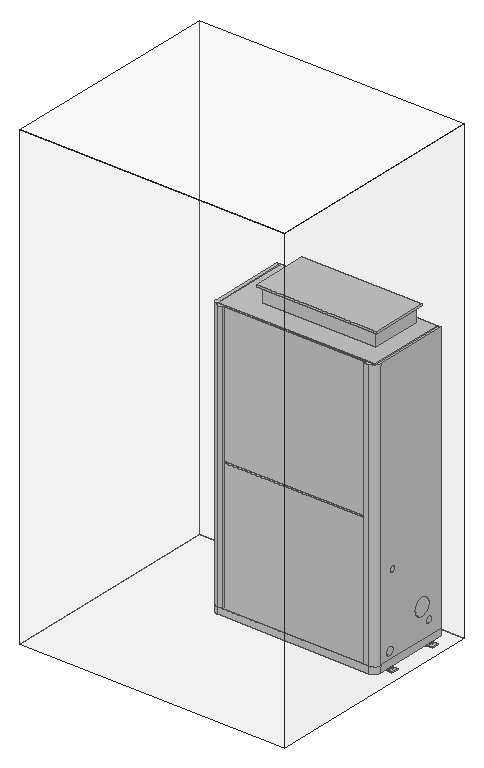
Revit family "pft-p224_560dme3_50Hz", category 機械設備, Revit 2019
Family settings
  丸型コネクタ寸法 = 直径を使用
  パーツ タイプ = 標準
  OmniClass 番号 = 23.75.10.24.21.27.27
  OmniClass タイトル = Split System Air Conditioning Units
  作業面ベース = いいえ
  常に垂直 = はい
  ロード時にボイドで切り取り = いいえ
  共有 = いいえ
  部屋計算ポイント = いいえ
Parameters (values of type "PFT-P224DME3")
  風量（m3／min） = 65
  風量 = MAX風量  # 3900.0 m³/h
  音響パワーレベル(dB) = 69
  電源種別 = ""
  電圧_電気ヒーター = 0 V
  電圧 = 200 V
  電動機出力_送風機 = 1500 W
  電動機出力_圧縮機 = 0 W
  運転質量 = 0.00 kg
  連動 = ""
  質量 = if(製品質量 > 運転質量, 製品質量, 運転質量) * 1.2  # 150.00 kg
  負荷分類 = 3_ファン類
  説明 = "設備用パッケージエアコン 空冷床置形・冷房専用 年間冷房中温用シリーズ"
  設計暖房能力 [instance] = 0 kW
  設計冷房能力_顕熱 [instance] = 0 kW
  設計冷房能力 [instance] = 0 kW
  設置方法 = "床置形"
  記号 [instance] = ""
  製造元 = "三菱電機株式会社"
  製品質量 = 125.00 kg
  製品出荷対象 = "国内"
  製品リリース年月 = ""
  製品グループ = ""
  系統 [instance] = ""
  符号 = "PAC-FRV(J)"
  積算_科目 = "1 空気調和設備"
  積算_拾い区分 [instance] = ""
  相_電気ヒーター = 1
  相 = 3
  盤記号 [instance] = ""
  発停方法 = ""
  特殊仕様 [instance] = ""
  火災停止 = ""
  消費電力_電気ヒーター = 0 W
  消費電力_暖房 = 0 W
  消費電力_加湿器 = 0 W
  消費電力_冷房 = 740 W
  消費電力 = if(消費電力_冷房 > 消費電力_暖房, 消費電力_冷房, 消費電力_暖房) + 消費電力_加湿器 + 消費電力_電気ヒーター  # 740 W
  法定耐用年数 = "15"
  機械基礎質量 [instance] = 0.00 kg
  機械基礎_W = 0 mm
  機械基礎_H = 0 mm
  機械基礎_D = 0 mm
  機械基礎 [instance] = no
  機外静圧 = 30.0 Pa
  極数 = 3
  材質 [instance] = ""
  本体マテリアル = none
  有効加湿量 = 0
  最小電線太さ_mm = 1.6
  最大電流値 = 6.5 A
  暖房能力 = 0 kW
  推奨ブレーカー容量 = 15 A
  形式_加湿器 = ""
  形式 = "床置（露出）立形"
  形名 = PFT-P-DME : PFT-P224DME3
  幹線記号 [instance] = ""
  始動方式 = "直入"
  呼称 = "パッケージ形空気調和機_室内機"
  周波数 = 50 Hz
  台数_手元リモコン [instance] = ""
  台数_冷媒分岐ユニット [instance] = ""
  参照している仕様書等のバージョン = "公共建築工事標準仕様書（機械設備工事編）平成31年度版"
  加湿給水管径 = 0.00 mm
  分類コード = "50053003083060"
  分類グループ = ""
  冷房能力 = 20 kW
  冷媒高低圧ガス管径 = 0.00 mm
  冷媒管径符号 = "Be"
  冷媒管径 = 100.00 mm
  冷媒液管径 = 9.52 mm
  冷媒ガス管径 = 19.05 mm
  価格 = 0
  企業コード = "108420"
  付属品_フィルター = ""
  付属品 [instance] = ""
  仕様書バージョン = "Version1.0"
  モデル = "PFT-P224DME3"
  ドレン管径 = 34.00 mm
  ダクト高 = 336 mm
  ダクト幅 = 715 mm
  サービススペース = yes
  コメント [instance] = ""
  Keynote = ""
  Width = 980 mm
  Version = ""
  Uniclass2015Version = "Systems v1.9"
  Uniclass2015Title = "Split coil remote air cooled condensing units"
  Uniclass2015Code = "Pr_70_65_03_84"
  URL = ""
  S寸法 = 150 mm
  SpecificationReference = ""
  SpecificationDescription = ""
  Revision = ""
  ProductInformation = ""
  OmniClassCode = "23-33 17 13 11"
  MAX風量 = 風量（m3／min） * 60.0 m³/h  # 3900.0 m³/h
  IfcTypeProduct = ""
  IfcProduct = ""
  IfcExportType = "AIRCONDITIONINGUNIT"
  IfcExportAs = "IfcUnitaryEquipmentType"
  Height = 1748 mm
  Depth = 485 mm
  Clearance Top = 1000 mm
  Clearance Right = 100 mm
  Clearance Left = 500 mm
  Clearance Front = 800 mm
  Clearance Back = 50 mm
  COP = 0
  Author = "三菱電機株式会社"
  APF = 0
Types (4, lengths in mm): name | 風量（m3／min） | 風量 | 音響パワーレベル(dB) | 電動機出力_送風機 | 質量 | 製品質量 | 消費電力_冷房 | 消費電力 | 最小電線太さ_mm | 最大電流値 | 推奨ブレーカー容量 | 形名 | 冷房能力 | 冷媒管径符号 | 冷媒液管径 | 冷媒ガス管径 | モデル | ドレン管径 | ダクト高 | ダクト幅 | Width | MAX風量 | Height | Depth | Clearance Left | Clearance Front
  PFT-P224DME3 | 65 | 3900.0 m³/h | 69 | 1500 W | 150.00 kg | 125.00 kg | 740 W | 740 W | 1.6 | 6.5 A | 15 A | PFT-P-DME : PFT-P224DME3 | 20 kW | "Be" | 9.52 | 19.05 | "PFT-P224DME3" | 34.00 | 336 | 715 | 980 | 3900.0 m³/h | 1748 | 485 | 500 | 800
  PFT-P280DME3 | 90 | 5400.0 m³/h | 71 | 1500 W | 178.80 kg | 149.00 kg | 940 W | 940 W | 1.6 | 6.5 A | 15 A | PFT-P-DME : PFT-P280DME3 | 25 kW | "Bf" | 9.52 | 22.20 | "PFT-P280DME3" | 34.00 | 336 | 895 | 1200 | 5400.0 m³/h | 1748 | 485 | 500 | 800
  PFT-P450DME3 | 140 | 8400.0 m³/h | 74 | 2200 W | 265.20 kg | 221.00 kg | 1580 W | 1580 W | 1.6 | 9.5 A | 30 A | PFT-P-DME : PFT-P450DME3 | 40 kW | "Ch" | 12.70 | 28.58 | "PFT-P450DME3" | 42.70 | 484 | 1046 | 1200 | 8400.0 m³/h | 1899 | 635 | 100 | 1000
  PFT-P560DME3 | 165 | 9900.0 m³/h | 79 | 3700 W | 308.40 kg | 257.00 kg | 2260 W | 2260 W | 2 | 15 A | 30 A | PFT-P-DME : PFT-P560DME3 | 50 kW | "Dh" | 15.88 | 28.58 | "PFT-P560DME3" | 42.70 | 484 | 1253 | 1420 | 9900.0 m³/h | 1899 | 635 | 100 | 1000
Reference planes
  plane 1: z = 0
  plane 2 "上": z = 1650
  plane 3: z = 1748
  plane 4: z = 0
  plane 5: z = 2748
  plane 6 "中心(正面/背面)": y = -242.5
  plane 7 "中心(左/右)": x = 0
  plane 8 "左": x = -490
  plane 9 "右": x = 490
  plane 10 "正面": y = -485
  plane 11 "背面": y = 0
  plane 12: y = 150
  plane 13: x = -640
  plane 14: y = -635
  plane 15: y = 50
  plane 16: y = -1285
  plane 17: x = -990
  plane 18: x = 590
  plane 19: x = 640
Dimensions and locks
  locked: plane 3 to plane 2 "上" at 98
  "Height": plane 3 to plane 4
  "Clearance Top": plane 5 to plane 3
  "機械基礎_H": plane 4 to plane 1
  equal spacing: plane 8 "左", plane 7 "中心(左/右)", plane 9 "右"
  "Width": plane 8 "左" to plane 9 "右"
  equal spacing: plane 10 "正面", plane 6 "中心(正面/背面)", plane 11 "背面"
  "Depth": plane 10 "正面" to plane 11 "背面"
  "S寸法": plane 11 "背面" to plane 12
  "S寸法": plane 14 to plane 10 "正面"
  "S寸法": plane 13 to plane 8 "左"
  "Clearance Left": plane 17 to plane 8 "左"
  "Clearance Right": plane 9 "右" to plane 18
  "Clearance Front": plane 16 to plane 10 "正面"
  "Clearance Back": plane 11 "背面" to plane 15
  "S寸法": plane 9 "右" to plane 19
  aligned and locked: level to plane 1
  aligned and locked: plane 18 to nested 1
  aligned and locked: plane 16 to nested 1
  aligned and locked: nested 1 to plane 17
  aligned and locked: nested 1 to plane 15
  aligned and locked: plane 7 "中心(左/右)" to nested 2
  aligned and locked: plane 6 "中心(正面/背面)" to nested 2
  aligned and locked: plane 5 to nested 1
  aligned and locked: plane 4 to nested 2
Nested families
  nested 1: "サービススペース（pft-p224_560dme3）" at (-200, -617.5, 1374), visible <- "サービススペース", type "サービススペース（pft-p224_560dme3）"
    with Width 1580 mm, Height 2748 mm, Depth 1335 mm
  nested 2: "PFT-P-DME" at (0, -242.5, 0), マテリアル1 <- "本体マテリアル", type <- "形名", type "PFT-P224DME3"
    with 表示 yes, マテリアル2 none, マテリアル1 none, ドレン径 34 mm
Connectors
  hvac at (32.5, -187, 1748), driven by "ダクト高", driven by "ダクト幅", driven by "機外静圧", driven by "風量"
    settings: on nested 2, index 1, duct flow 3900.0 m³/h, flow factor 0, pres drop 30.0 Pa, loss coef 0, conn angle 0.00°, conn width 715 mm, conn height 336 mm, conn diameter 609.6 mm, duct sys type 1, conn prof type 1, flow config 1, flow direction 2, loss method 4, conn ref index -1, conn util no, is conn primary yes, conn desc ""
  piping at (493, -92, 130), diameter 34, driven by "ドレン管径"
    settings: on nested 2, index 2, connector inside diameter 609.60 mm, connector length 0 mm, flow factor 0, pipe flow 0.0 L/s, pressure drop 0.0 Pa, fitting loss kfactor 0, connector angle 0.00°, fixture units 0, engagement length 0 mm, angle of deflection 0.00°, flow configuration 1, flow direction 2, fitting loss method 4, system type 16, joint type 0, gender type 0, connector reference index -1, connector utility 0, adjustable connector no, is connector primary yes, connector description ""
  piping at (493, -145, 220), diameter 100, driven by "冷媒管径", driven by "冷媒管径符号"
    settings: on nested 2, index 3, connector inside diameter 609.60 mm, connector length 0 mm, flow factor 0, pipe flow 0.0 L/s, pressure drop 0.0 Pa, fitting loss kfactor 0, connector angle 0.00°, fixture units 0, engagement length 0 mm, angle of deflection 0.00°, flow configuration 1, flow direction 1, fitting loss method 4, system type 7, joint type 0, gender type 0, connector reference index -1, connector utility 0, adjustable connector no, is connector primary no, connector description "Be"
  electrical at (493, -385, 90), driven by "極数", driven by "負荷分類", driven by "電圧", driven by "消費電力"
    settings: on nested 2, index 5, voltage 200 V, apparent load 740 VA, apparent load phase1 0 VA, apparent load phase2 0 VA, apparent load phase3 0 VA, power factor 1, load classification "3_ファン類", number of poles 3, system type 30, power factor state 1, is connector primary yes, connector utility no, sub classification motor no, connector description ""
Definition of nested family "サービススペース（pft-p224_560dme3）"
  Parameters (values of type "サービススペース")
    Width [instance] = 500 mm
    Height [instance] = 500 mm
    Depth [instance] = 500 mm
  Reference planes
    plane 1 "中心(正面/背面)": y = 0
    plane 2: z = 0
    plane 3 "中心(左/右)": x = 0
    plane 4: y = -250
    plane 5: x = 250
    plane 6: y = 250
    plane 7: x = -250
    plane 8: z = 250
    plane 9: z = -250
  Forms (mm)
    Extrusion 1, solid
      sketch origin (-638.939, 0, 72.39) x (1, 0, 0) y (0, 1, 0)
        loop
          line (388.939, 250) -> (388.939, -250) -> (888.939, -250) -> (888.939, 250) -> (388.939, 250)
      from -322.39 to 177.61
  Lines and regions (mm)
    symbolic lines
      curve 1: line (-250, 0, 250) -> (250, 0, 250)
      curve 2: line (-250, 0, -250) -> (-250, 0, 250)
      curve 3: line (250, 0, -250) -> (-250, 0, -250)
      curve 4: line (250, 0, 250) -> (250, 0, -250)
      curve 5: line (0, -250, 250) -> (0, 250, 250)
      curve 6: line (0, -250, -250) -> (0, -250, 250)
      curve 7: line (0, 250, -250) -> (0, -250, -250)
      curve 8: line (0, 250, 250) -> (0, 250, -250)
      curve 9: line (-250, 250, 0) -> (250, 250, 0)
      curve 10: line (-250, -250, 0) -> (-250, 250, 0)
      curve 11: line (250, -250, 0) -> (-250, -250, 0)
      curve 12: line (250, 250, 0) -> (250, -250, 0)
  Dimensions and locks
    equal spacing: plane 7, plane 3 "中心(左/右)", plane 5
    equal spacing: plane 4, plane 1 "中心(正面/背面)", plane 6
    "Depth": plane 4 to plane 6
    "Width": plane 7 to plane 5
    equal spacing: plane 8, plane 2, plane 9
    "Height": plane 8 to plane 9
    aligned and locked: plane 9 to curve 3
    aligned and locked: plane 7 to curve 2
    aligned and locked: curve 4 to plane 5
    aligned and locked: plane 5 to Extrusion 1
    aligned and locked: Extrusion 1 to plane 7
    aligned and locked: Extrusion 1 to plane 9
    aligned and locked: plane 8 to Extrusion 1
    aligned and locked: plane 9 to curve 7
  Automatic sketch dimensions
    plane 4 to Extrusion 1 sketch curve = 0 mm
    Extrusion 1 sketch curve to plane 7 = 0 mm
    Extrusion 1 sketch curve to plane 5 = 0 mm
    plane 6 to Extrusion 1 sketch curve = 0 mm
    curve 2 to plane 8 = 0 mm
    plane 4 to curve 11 = 0 mm
    curve 11 to plane 7 = 0 mm
    curve 11 to plane 5 = 0 mm
    plane 6 to curve 10 = 0 mm
    curve 7 to plane 4 = 0 mm
    curve 7 to plane 6 = 0 mm
    curve 6 to plane 8 = 0 mm
Definition of nested family "PFT-P-DME"
  Parameters (values of type "224DME3")
    液径 = 9.52 mm
    液-W = 0 mm
    液-H = 225 mm
    液-D = 185 mm
    高 = 1650 mm
    電源径 = 43 mm
    電源-W = 0 mm
    電源-H = 90 mm
    電源-D = 385 mm
    表示 [instance] = yes
    幅 = 980 mm
    奥行 = 485 mm
    吊りボルト径 = 12 mm
    吊りボルト-W = 1014 mm
    吊りボルト-D = 300 mm
    吊りボルト-H = 0 mm
    加湿給水管径 = 27 mm
    加湿給水-W = 365 mm
    加湿給水-H = 520 mm
    加湿給水-D = 0 mm
    冷媒径 = 100 mm
    ガス径 = 19.05 mm
    ガス-W = 0 mm
    ガス-H = 215 mm
    ガス-D = 105 mm
    マテリアル2 [instance] = none
    マテリアル1 [instance] = none
    ドレン径 = 50 mm
    ドレン-W = 0 mm
    ドレン-H = 130 mm
    ドレン-D = 92 mm
    w = 675 mm
    h = 98 mm
    d = 296 mm
    b = 100 mm
    a = 19 mm
  Types (5, lengths in mm): name | 液径 | 液-H | 液-D | 高 | 電源径 | 電源-H | 電源-D | 幅 | 奥行 | 吊りボルト-W | 吊りボルト-D | 加湿給水-W | 加湿給水-H | ガス径 | ガス-H | ガス-D | ドレン-H | w | h | d | b | a
    (no name) | 9.52 | 225 | 185 | 1650 | 43 | 90 | 385 | 980 | 485 | 1014 | 300 | 365 | 520 | 19.05 | 215 | 105 | 130 | 675 | 98 | 296 | 100 | 19
    224DME3 | 9.52 | 225 | 185 | 1650 | 43 | 90 | 385 | 980 | 485 | 1014 | 300 | 365 | 520 | 19.05 | 215 | 105 | 130 | 675 | 98 | 296 | 100 | 19
    280DME3 | 9.52 | 225 | 185 | 1650 | 43 | 90 | 385 | 1200 | 485 | 1234 | 300 | 365 | 520 | 19.05 | 215 | 105 | 130 | 855 | 98 | 296 | 152 | 19
    450DME3 | 12.7 | 296 | 118 | 1850 | 52 | 100 | 530 | 1200 | 635 | 1230 | 440 | 438 | 680 | 28.58 | 296 | 238 | 169 | 1006 | 49 | 444 | 82 | 21
    560DME3 | 12.7 | 296 | 118 | 1850 | 52 | 100 | 530 | 1420 | 635 | 1450 | 440 | 438 | 680 | 28.58 | 296 | 238 | 169 | 1213 | 49 | 444 | 83.5 | 21
  Reference planes
    plane 1 "中心(正面/背面)": y = 0
    plane 2: z = 0
    plane 3 "中心(左/右)": x = 0
    plane 4: x = 490
    plane 5: x = -490
    plane 6: y = 242.5
    plane 7: y = -242.5
    plane 8: z = 1748
    plane 9: z = 830
    plane 10: z = 1650
    plane 11: z = 40
    plane 12: y = 150
    plane 13: y = -150
    plane 14: x = 507
    plane 15: x = -507
    plane 16: y = 223.5
    plane 17: y = -162.5
    plane 18: z = 130
    plane 19: z = 90
    plane 20: y = 57.5
    plane 21: z = 225
    plane 22: z = 215
    plane 23: z = 1738
    plane 24: y = 137.5
    plane 25: x = 470
    plane 26: x = -470
    plane 27: z = 820
    plane 28: y = -222.5
    plane 29: x = -420
    plane 30: x = 420
    plane 31: y = -239.5
    plane 32: x = 530
    plane 33: x = -530
    plane 34: y = 170
    plane 35: y = 130
    plane 36: y = -130
    plane 37: y = -170
    plane 38: y = 203.5
    plane 39: z = 5
    plane 40: x = 390
    plane 41: x = 370
    plane 42: x = -305
    plane 43: x = -325
    plane 44: y = -112.5
    plane 45: y = -92.5
    plane 46: y = 150.5
    plane 47: y = -142.5
    plane 48: x = 493
    plane 49: y = 97.5
    plane 50: z = 220
    plane 51: y = -122.5
    plane 52: z = 520
  Forms (mm)
    Extrusion 1, solid, material <- "マテリアル1", visible <- "表示", detail levels fine
      sketch origin (0, 0, -400) x (1, 0, 0) y (0, 1, 0)
        loop
          line (420, -222.5) -> (-420, -222.5) -> (-420, -239.5) -> (420, -239.5) -> (420, -222.5)
      from 1230 to 2050
    Extrusion 2, solid, material <- "マテリアル1", visible <- "表示", detail levels fine
      sketch origin (0, 0, -800) x (1, 0, 0) y (0, 1, 0)
        loop
          line (-420, -239.5) -> (420, -239.5) -> (420, -222.5) -> (-420, -222.5) -> (-420, -239.5)
      from 840 to 1620
    Extrusion 3, solid, material <- "マテリアル2", visible <- "表示", detail levels fine
      sketch origin (0, 0, 0) x (1, 0, 0) y (0, 1, 0)
        loop
          line (490, 170) -> (490, 130) -> (530, 130) -> (530, 170) -> (490, 170)
        loop
          line (490, -130) -> (490, -170) -> (530, -170) -> (530, -130) -> (490, -130)
        loop
          line (-530, 170) -> (-530, 130) -> (-490, 130) -> (-490, 170) -> (-530, 170)
        loop
          line (-530, -130) -> (-530, -170) -> (-490, -170) -> (-490, -130) -> (-530, -130)
        loop
          circle (-507, 150) r 6
        loop
          circle (507, 150) r 6
        loop
          circle (507, -150) r 6
        loop
          circle (-507, -150) r 6
      from 0 to 5
    Extrusion 4, solid, material <- "マテリアル2", visible <- "表示", detail levels fine
      sketch origin (0, -1140, 0) x (0, -1, 0) y (1, 0, 0)
        loop
          line (-1343.5, 370) -> (-1343.5, -305) -> (-1047.5, -305) -> (-1047.5, 370) -> (-1343.5, 370)
      from 1650 to 1738
    Extrusion 5, solid, material <- "マテリアル2", visible <- "表示", detail levels fine
      sketch origin (0, -1140, -430) x (0, -1, 0) y (1, 0, 0)
        loop
          line (-1363.5, 390) -> (-1363.5, -325) -> (-1027.5, -325) -> (-1027.5, 390) -> (-1363.5, 390)
      from 2168 to 2178
    Extrusion 6, solid, material <- "マテリアル1", visible <- "表示", detail levels fine
      sketch origin (-1437.329, -1524, 1748) x (-1, 0, 0) y (0, -1, 0)
        loop
          line (-947.329, -1766.5) -> (-947.329, -1321.5)
          arc (-947.329, -1321.5) -> (-959.045, -1293.216) -> (-987.329, -1281.5) r 40
          line (-987.329, -1281.5) -> (-1017.329, -1281.5) -> (-1017.329, -1301.5) -> (-967.329, -1301.5) -> (-967.329, -1766.5) -> (-947.329, -1766.5)
        loop
          line (-1907.329, -1766.5) -> (-1907.329, -1301.5) -> (-1857.329, -1301.5) -> (-1857.329, -1281.5) -> (-1887.329, -1281.5)
          arc (-1887.329, -1281.5) -> (-1915.614, -1293.216) -> (-1927.329, -1321.5) r 40
          line (-1927.329, -1321.5) -> (-1927.329, -1766.5) -> (-1907.329, -1766.5)
      from -1708 to -98
    Extrusion 7, solid, material <- "マテリアル1", visible <- "表示", detail levels fine
      sketch origin (-1437.329, -1524, 1748) x (-1, 0, 0) y (0, -1, 0)
        loop
          line (-1907.329, -1766.5) -> (-967.329, -1766.5) -> (-967.329, -1301.5) -> (-1907.329, -1301.5) -> (-1907.329, -1766.5)
      from -1708 to -98
    Extrusion 8, solid, material <- "マテリアル2", visible <- "表示", detail levels fine
      sketch origin (-1437.329, -1524, 1748) x (-1, 0, 0) y (0, -1, 0)
        loop
          line (-947.329, -1766.5) -> (-947.329, -1321.5)
          arc (-947.329, -1321.5) -> (-959.045, -1293.216) -> (-987.329, -1281.5) r 40
          line (-987.329, -1281.5) -> (-1887.329, -1281.5)
          arc (-1887.329, -1281.5) -> (-1915.614, -1293.216) -> (-1927.329, -1321.5) r 40
          line (-1927.329, -1321.5) -> (-1927.329, -1766.5) -> (-947.329, -1766.5)
      from -1748 to -1708
    Extrusion 9, solid, material <- "マテリアル2", visible <- "表示", detail levels fine
      sketch origin (490, 1296.25, 1200) x (0, 1, 0) y (0, 0, 1)
        loop
          circle (-1438.75, -1110) r 21.5
        loop
          circle (-1145.75, -1070) r 25
        loop
          circle (-1418.75, -680) r 13.5
      from 0 to 3
    Extrusion 10, solid, material <- "マテリアル1", visible <- "表示", detail levels fine
      sketch origin (490, 1296.25, 1200) x (0, 1, 0) y (0, 0, 1)
        loop
          circle (-1198.75, -980) r 50
      from 0 to 3
  Lines and regions (mm)
    Masking region 1, visible <- "表示", detail levels coarse+medium
      outline origin (0, 0, 0) x (1, 0, 0) y (0, 1, 0)
        loop
          line (-490, 242.5) -> (-490, -242.5) -> (490, -242.5) -> (490, 242.5) -> (-490, 242.5)
    symbolic lines, visible <- "表示"
      curve 1: line (-490, 242.5, 1748) -> (-490, -242.5, 1748)
      curve 2: line (-490, -242.5, 1748) -> (490, -242.5, 1748)
      curve 3: line (490, -242.5, 1748) -> (490, 242.5, 1748)
      curve 4: line (490, 242.5, 1748) -> (-490, 242.5, 1748)
      curve 5: line (-325, 223.5, 1748) -> (-325, -112.5, 1748)
      curve 6: line (-325, -112.5, 1748) -> (390, -112.5, 1748)
      curve 7: line (390, -112.5, 1748) -> (390, 223.5, 1748)
      curve 8: line (390, 223.5, 1748) -> (-325, 223.5, 1748)
    model lines, visible <- "表示", detail levels fine
      curve 9: line (420, -239.5, 720) -> (-420, -239.5, 720)
      curve 10: line (420, -239.5, 670) -> (-420, -239.5, 670)
      curve 11: line (0, -239.5, 720) -> (0, -239.5, 270)
      curve 12: line (420, -239.5, 620) -> (-420, -239.5, 620)
      curve 13: line (420, -239.5, 570) -> (-420, -239.5, 570)
      curve 14: line (420, -239.5, 520) -> (-420, -239.5, 520)
      curve 15: line (420, -239.5, 470) -> (-420, -239.5, 470)
      curve 16: line (420, -239.5, 420) -> (-420, -239.5, 420)
      curve 17: line (420, -239.5, 370) -> (-420, -239.5, 370)
      curve 18: line (420, -239.5, 320) -> (-420, -239.5, 320)
      curve 19: line (420, -239.5, 270) -> (-420, -239.5, 270)
      curve 20: line (140, -239.5, 720) -> (140, -239.5, 270)
      curve 21: line (-140, -239.5, 270) -> (-140, -239.5, 720)
      curve 22: line (280, -239.5, 720) -> (280, -239.5, 270)
      curve 23: line (-280, -239.5, 270) -> (-280, -239.5, 720)
  Dimensions and locks
    equal spacing: plane 7, plane 1 "中心(正面/背面)", plane 6
    "奥行": plane 7 to plane 6
    equal spacing: plane 5, plane 3 "中心(左/右)", plane 4
    "幅": plane 5 to plane 4
    locked: plane 11 to level at 40
    equal spacing: plane 13, plane 1 "中心(正面/背面)", plane 12
    "吊りボルト-D": plane 13 to plane 12
    equal spacing: plane 15, plane 3 "中心(左/右)", plane 14
    "吊りボルト-W": plane 15 to plane 14
    "a": plane 16 to plane 6
    locked: plane 7 to plane 17 at 80
    "ドレン-H": plane 18 to level
    "電源-H": plane 19 to level
    "液-H": plane 21 to level
    locked: plane 10 to plane 9 at 820
    "ガス-H": plane 22 to level
    "h": plane 8 to plane 10
    locked: plane 8 to plane 23 at 10
    locked: plane 5 to plane 26 at 20
    locked: plane 25 to plane 4 at 20
    locked: plane 9 to plane 27 at 10
    locked: plane 7 to plane 28 at 20
    locked: plane 26 to plane 29 at 50
    locked: plane 30 to plane 25 at 50
    locked: plane 7 to plane 31 at 3
    locked: plane 33 to plane 5 at 40
    locked: plane 4 to plane 32 at 40
    plane 37 to plane 13 to plane 36 = 20 mm locked, 20 mm locked
    plane 35 to plane 12 to plane 34 = 20 mm locked, 20 mm locked
    locked: plane 38 to plane 16 at 20
    locked: plane 39 to level at 5
    "b": plane 40 to plane 4
    locked: plane 43 to plane 42 at 20
    locked: plane 41 to plane 40 at 20
    "w": plane 42 to plane 41
    locked: plane 44 to plane 45 at 20
    "d": plane 45 to plane 38
    curve 9 to curve 10 to curve 12 to curve 13 to curve 14 to curve 15 to curve 16 to curve 17 to curve 18 to curve 19 = 50 mm locked, 50 mm locked, 50 mm locked, 50 mm locked, 50 mm locked, 50 mm locked, 50 mm locked, 50 mm locked, 50 mm locked
    equal spacing: plane 30, curve 22, curve 20, curve 11, curve 21, curve 23, plane 29
    "高": plane 10 to level
    "液-D": plane 20 to plane 6
    "ガス-D": plane 24 to plane 6
    "ドレン-D": plane 46 to plane 6
    "電源-D": plane 47 to plane 6
    locked: plane 4 to plane 48 at 3
    equal spacing: plane 20, plane 49, plane 24
    equal spacing: plane 21, plane 50, plane 22
    "加湿給水-W": plane 51 to plane 6
    "加湿給水-H": plane 52 to level
    radius of Extrusion 6 sketch curve = 40 mm  (x2)
    "吊りボルト径": diameter of Extrusion 3 sketch curve  (x4)
    "ドレン径": diameter of Extrusion 9 sketch curve
    "電源径": diameter of Extrusion 9 sketch curve
    "冷媒径": diameter of Extrusion 10 sketch curve
    "加湿給水管径": diameter of Extrusion 9 sketch curve
    aligned and locked: level to plane 2
    aligned and locked: plane 13 to nested 1
    aligned and locked: plane 14 to nested 1
    aligned and locked: plane 15 to nested 1
    aligned and locked: nested 1 to plane 12
    aligned and locked: Extrusion 2 to plane 11
    aligned and locked: Extrusion 1 to plane 9
    aligned and locked: Extrusion 5 to plane 23
    aligned and locked: plane 8 to Extrusion 5
    aligned and locked: Extrusion 6 to plane 11
    aligned and locked: Extrusion 4 to Extrusion 5
    aligned and locked: Extrusion 4 to plane 10
    aligned and locked: plane 10 to Extrusion 6
    aligned and locked: plane 10 to Extrusion 1
    aligned and locked: plane 27 to Extrusion 2
    aligned and locked: Extrusion 2 sketch curve to plane 28
    aligned and locked: Extrusion 6 sketch curve to plane 7
    aligned and locked: Extrusion 6 sketch curve to plane 29
    aligned and locked: Extrusion 6 sketch curve to plane 30
    aligned and locked: Extrusion 6 sketch curve to plane 25
    aligned and locked: plane 28 to Extrusion 6 sketch curve  (x2)
    aligned and locked: Extrusion 2 sketch curve to plane 29
    aligned and locked: Extrusion 2 sketch curve to plane 30
    aligned and locked: plane 31 to Extrusion 2 sketch curve
    aligned and locked: Extrusion 1 sketch curve to plane 30
    aligned and locked: Extrusion 1 sketch curve to plane 29
    aligned and locked: Extrusion 1 sketch curve to plane 28
    aligned and locked: Extrusion 1 sketch curve to plane 31
    aligned and locked: Extrusion 7 sketch curve to plane 6
    aligned and locked: Extrusion 7 sketch curve to plane 26
    aligned and locked: Extrusion 7 sketch curve to plane 28
    aligned and locked: Extrusion 7 sketch curve to plane 25
    aligned and locked: plane 10 to Extrusion 7
    aligned and locked: Extrusion 7 to plane 11
    aligned and locked: plane 34 to Extrusion 3 sketch curve  (x2)
    aligned and locked: plane 4 to Extrusion 3 sketch curve  (x2)
    aligned and locked: Extrusion 3 sketch curve to plane 35  (x2)
    aligned and locked: Extrusion 3 sketch curve to plane 32  (x2)
    aligned and locked: plane 36 to Extrusion 3 sketch curve  (x2)
    aligned and locked: Extrusion 3 sketch curve to plane 37  (x2)
    aligned and locked: plane 33 to Extrusion 3 sketch curve  (x2)
    aligned and locked: Extrusion 3 sketch curve to plane 5  (x2)
    aligned and locked: plane 12 to Extrusion 3 sketch curve  (x2)
    aligned and locked: plane 15 to Extrusion 3 sketch curve  (x2)
    aligned and locked: plane 13 to Extrusion 3 sketch curve  (x2)
    aligned and locked: plane 14 to Extrusion 3 sketch curve  (x2)
    aligned and locked: Extrusion 3 to level
    aligned and locked: plane 39 to Extrusion 3
    aligned and locked: Extrusion 8 sketch curve to Extrusion 6  (x3)
    aligned and locked: Extrusion 8 sketch curve to Extrusion 7
    aligned and locked: Extrusion 8 to level
    aligned and locked: plane 11 to Extrusion 8
    aligned and locked: Extrusion 4 sketch curve to plane 38
    aligned and locked: Extrusion 4 sketch curve to plane 45
    aligned and locked: Extrusion 4 sketch curve to plane 41
    aligned and locked: Extrusion 4 sketch curve to plane 42
    aligned and locked: Extrusion 5 sketch curve to plane 40
    aligned and locked: Extrusion 5 sketch curve to plane 16
    aligned and locked: Extrusion 5 sketch curve to plane 44
    aligned and locked: Extrusion 5 sketch curve to plane 43
    aligned and locked: Masking region 1 sketch curve to Extrusion 8
    aligned and locked: Masking region 1 sketch curve to Extrusion 6
    aligned and locked: Masking region 1 sketch curve to plane 7
    aligned and locked: Masking region 1 sketch curve to plane 4
    aligned and locked: curve 1 to Masking region 1
    aligned and locked: curve 3 to Masking region 1
    aligned and locked: curve 4 to Masking region 1
    aligned and locked: curve 5 to Extrusion 5
    aligned and locked: curve 6 to Extrusion 5
    aligned and locked: curve 7 to Extrusion 5
    aligned and locked: curve 8 to Extrusion 5
    aligned and locked: plane 18 to Extrusion 9 sketch curve
    aligned and locked: plane 46 to Extrusion 9 sketch curve
    aligned and locked: plane 47 to Extrusion 9 sketch curve
    aligned and locked: plane 19 to Extrusion 9 sketch curve
    aligned and locked: Extrusion 9 to plane 4
    aligned and locked: plane 48 to Extrusion 9
    aligned and locked: plane 49 to Extrusion 10 sketch curve
    aligned and locked: plane 50 to Extrusion 10 sketch curve
    aligned and locked: Extrusion 10 to plane 4
    aligned and locked: plane 48 to Extrusion 10
    aligned and locked: plane 52 to Extrusion 9 sketch curve
    aligned and locked: plane 51 to Extrusion 9 sketch curve
  Automatic sketch dimensions
    Extrusion 6 sketch curve to plane 26 = 0 mm
    plane 7 to Extrusion 6 sketch curve = 0 mm
    Extrusion 6 sketch curve to plane 4 = 0 mm
    Extrusion 6 sketch curve to plane 5 = 0 mm
    plane 6 to Extrusion 6 sketch curve = 0 mm  (x2)
    plane 28 to Extrusion 2 sketch curve = 0 mm
    plane 7 to curve 2 = 0 mm
    curve 16 to plane 29 = 0 mm
    curve 9 to plane 29 = 0 mm
    curve 15 to plane 29 = 0 mm
    curve 10 to plane 29 = 0 mm
    curve 19 to plane 29 = 0 mm
    curve 18 to plane 29 = 0 mm
    curve 17 to plane 29 = 0 mm
    curve 12 to plane 29 = 0 mm
    curve 13 to plane 29 = 0 mm
    curve 14 to plane 29 = 0 mm
    curve 15 to plane 30 = 0 mm
    curve 12 to plane 30 = 0 mm
    curve 17 to plane 30 = 0 mm
    curve 13 to plane 30 = 0 mm
    curve 16 to plane 30 = 0 mm
    curve 14 to plane 30 = 0 mm
    curve 19 to plane 30 = 0 mm
    curve 18 to plane 30 = 0 mm
    curve 10 to plane 30 = 0 mm
    curve 9 to plane 30 = 0 mm
    plane 21 to curve 22 = 45 mm
  Nested families
    nested 1: "固定点" at (-507, -150, 0), visible <- "表示", type "固定点", detail levels fine
      with W 1014 mm, D 300 mm, 中心円 12 mm
  Definition of nested family "固定点"
    Parameters (values of type "固定点")
      中心円 = 20 mm
      W [instance] = 1000 mm
      D [instance] = 1000 mm
    Reference planes
      plane 1 "中心(正面/背面)": y = 0
      plane 2: z = 0
      plane 3 "中心(左/右)": x = 0
      plane 4: x = 1000
      plane 5: y = 1000
    Lines and regions (mm)
      symbolic lines, detail levels fine
        curve 1: circle (0, 1000, 0) r 10 normal (0, 0, 1)
        curve 2: circle (0, 0, 0) r 10 normal (0, 0, 1)
        curve 3: circle (1000, 1000, 0) r 10 normal (0, 0, 1)
        curve 4: circle (1000, 0, 0) r 10 normal (0, 0, 1)
        curve 5: line (-200, 1000, 0) -> (1200, 1000, 0)
        curve 6: line (-200, 0, 0) -> (1200, 0, 0)
        curve 7: line (0, 1200, 0) -> (0, -200, 0)
        curve 8: line (1000, 1200, 0) -> (1000, -200, 0)
    Dimensions and locks
      "W": plane 3 "中心(左/右)" to plane 4
      "D": plane 1 "中心(正面/背面)" to plane 5
      "中心円": diameter of curve 1
      "中心円": diameter of curve 2
      "中心円": diameter of curve 3
      "中心円": diameter of curve 4
      aligned and locked: level to plane 2
      aligned and locked: plane 5 to curve 1
      aligned and locked: plane 3 "中心(左/右)" to curve 1
      aligned and locked: plane 3 "中心(左/右)" to curve 2
      aligned and locked: plane 1 "中心(正面/背面)" to curve 2
      aligned and locked: plane 4 to curve 3
      aligned and locked: plane 5 to curve 3
      aligned and locked: plane 1 "中心(正面/背面)" to curve 4
      aligned and locked: plane 4 to curve 4
      aligned and locked: plane 1 "中心(正面/背面)" to curve 6
      aligned and locked: curve 7 to plane 3 "中心(左/右)"
      aligned and locked: curve 8 to plane 4
    Automatic sketch dimensions
      curve 5 to plane 5 = 0 mm
      curve 6 to plane 3 "中心(左/右)" = 200 mm
      curve 5 to plane 3 "中心(左/右)" = 200 mm
      curve 4 to curve 6 = 200 mm
      curve 3 to curve 5 = 200 mm
      plane 1 "中心(正面/背面)" to curve 8 = 200 mm
      plane 1 "中心(正面/背面)" to curve 7 = 200 mm
      curve 3 to curve 8 = 200 mm
      curve 1 to curve 7 = 200 mm
